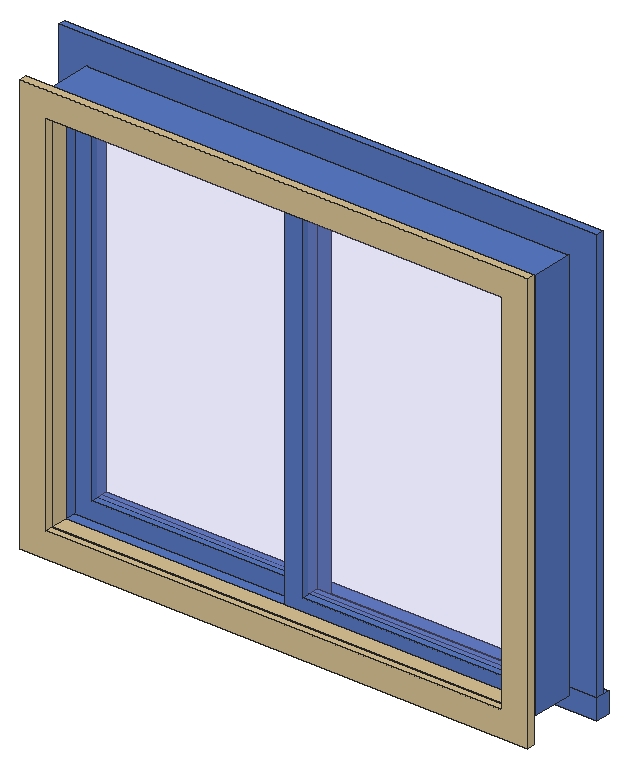
Revit family
Parameters (values of type "1200 x 1000")
  Operation = "DoublePanelVertical"
  Keynote = "45-13-015"
  Assembly Code = "B2020100"
  Exterior Trim = 90 mm
  Height = 1000 mm
  Interior Trim = 65 mm
  Sash = none
  Default Sill Height [instance] = 910 mm
  Trim Exterior = none
  Trim Interior = none
  Trim Thickness = 19 mm
  Wall Closure = (empty or 0)
  Width = 1220 mm
  Window Inset = 19 mm
Types (4, lengths in mm): name | Keynote | Assembly Code | Height | Default Sill Height | Width
  (no name) | "45-13-015" | "B2020100" | 1000 | 910 | 1220
  1200 x 900 | "45-13-017" | "B2020100" | 910 | 910 | 1220
  1200 x 1000 | "45-13-015" | "B2020100" | 1000 | 910 | 1220
  1200 x 600 | "45-13-016" | "" | 580 | 899.9 | 1200
Reference planes
  plane 1: y = -9.673
  plane 2: z = 0
  plane 3 "Center": x = 9.525
  plane 4 "Left": x = -600.475
  plane 5 "Right": x = 619.525
  plane 6 "Sill": z = 910
  plane 7 "Top": z = 1910
  plane 8: x = -581.425
  plane 9: x = 600.475
  plane 10: z = 1890.95
  plane 11: z = 929.05
  plane 12: y = 9.327
  plane 13: y = -143.073
  plane 14: y = -54.123
  plane 15: y = -98.573
  plane 16: x = 31.75
  plane 17: x = -12.7
  plane 18: z = 1846.5
  plane 19: x = 556.025
  plane 20: z = 973.5
  plane 21: x = -536.975
  plane 22: y = -69.998
  plane 23 "Closure": y = -82.698
  plane 24: y = -38.248
  plane 25: y = -25.548
  plane 26: z = 1980.95
  plane 27: x = -671.425
  plane 28: x = 690.475
  plane 29: y = 28.327
  plane 30: y = 47.377
  plane 31: z = 1943.25
  plane 32: z = 876.75
  plane 33: x = -633.725
  plane 34: x = 652.775
  plane 35: x = -568.725
  plane 36: x = 587.775
  plane 37: z = 1878.25
  plane 38: z = 941.75
  plane 39: y = -162.123
  plane 40: y = -181.173
  plane 41: z = 1410
Forms (mm)
  Extrusion 1, solid, material <- "Sash"
    sketch origin (0, 0, 0) x (0, 0, -1) y (1, 0, 0)
      loop
        line (-1910, 619.525) -> (-1910, -600.475) -> (-910, -600.475) -> (-910, 619.525) -> (-1910, 619.525)
      loop
        line (-929.05, -581.425) -> (-929.05, 600.475) -> (-1890.95, 600.475) -> (-1890.95, -581.425) -> (-929.05, -581.425)
    from -9.327 to 98.623
  Extrusion 2, solid, material <- "Sash"
    sketch origin (0, 0, 0) x (0, 0, -1) y (1, 0, 0)
      loop
        line (-1890.95, -12.7) -> (-929.05, -12.7) -> (-929.05, 600.475) -> (-1890.95, 600.475) -> (-1890.95, -12.7)
      loop
        line (-1846.5, 31.75) -> (-973.5, 31.75) -> (-973.5, 556.025) -> (-1846.5, 556.025) -> (-1846.5, 31.75)
    from 54.123 to 98.573
  Extrusion 3, solid, material <- "Sash"
    sketch origin (0, 0, 0) x (0, 0, -1) y (1, 0, 0)
      loop
        line (-929.05, -581.425) -> (-929.05, 31.75) -> (-1890.95, 31.75) -> (-1890.95, -581.425) -> (-929.05, -581.425)
      loop
        line (-973.5, -536.975) -> (-973.5, -12.7) -> (-1846.5, -12.7) -> (-1846.5, -536.975) -> (-973.5, -536.975)
    from 9.673 to 54.123
  Extrusion 4, solid
    sketch origin (0, -54.123, 0) x (0, 0, 1) y (1, 0, 0)
      loop
        line (1846.5, 556.025) -> (973.5, 556.025) -> (973.5, 31.75) -> (1846.5, 31.75) -> (1846.5, 556.025)
    from -28.575 to -15.875
  Extrusion 5, solid
    sketch origin (0, -9.673, 0) x (0, 0, 1) y (1, 0, 0)
      loop
        line (973.5, -12.7) -> (973.5, -536.975) -> (1846.5, -536.975) -> (1846.5, -12.7) -> (973.5, -12.7)
    from -28.575 to -15.875
  Extrusion 6, solid, material <- "Trim Exterior"
    sketch origin (0, 9.327, 0) x (0, 0, 1) y (1, 0, 0)
      loop
        line (929.05, 600.475) -> (1890.95, 600.475) -> (1890.95, -581.425) -> (929.05, -581.425) -> (929.05, -671.425) -> (1980.95, -671.425) -> (1980.95, 690.475) -> (929.05, 690.475) -> (929.05, 600.475)
    from 0 to 19
  Extrusion 7, solid, material <- "Trim Exterior"
    sketch origin (0, 9.327, 0) x (0, 0, 1) y (1, 0, 0)
      loop
        line (929.05, -671.425) -> (929.05, 690.475) -> (876.75, 690.475) -> (876.75, -671.425) -> (929.05, -671.425)
    from 0 to 38.05
  Extrusion 8, solid, material <- "Sash"
    sketch origin (-152.8, 0, 0) x (0, 0, -1) y (1, 0, 0)
      loop
        line (-910, -447.675) -> (-910, 772.325) -> (-1910, 772.325) -> (-1910, -447.675) -> (-910, -447.675)
      loop
        line (-941.75, -415.925) -> (-941.75, 740.575) -> (-1878.25, 740.575) -> (-1878.25, -415.925) -> (-941.75, -415.925)
    from 98.623 to 143.073
  Extrusion 9, solid, material <- "Trim Interior"
    sketch origin (0, 0, 0) x (0, 0, -1) y (1, 0, 0)
      loop
        line (-876.75, -633.725) -> (-876.75, 652.775) -> (-1943.25, 652.775) -> (-1943.25, -633.725) -> (-876.75, -633.725)
      loop
        line (-941.75, -568.725) -> (-941.75, 587.775) -> (-1878.25, 587.775) -> (-1878.25, -568.725) -> (-941.75, -568.725)
    from 143.073 to 162.123
Lines and regions (mm)
  Opening 1
    outline origin (-1705.917, -143.073, 0) x (1, 0, 0) y (0, 0, 1)
      loop
        line (1105.442, 1910) -> (1105.442, 910) -> (2325.442, 910) -> (2325.442, 1910) -> (1105.442, 1910)
  symbolic lines, style "WindowsFrameMullionProjection"
    curve 1: line (-581.425, -9.673, 0) -> (-536.975, -9.673, 0)
    curve 2: line (-536.975, -54.123, 0) -> (-581.425, -54.123, 0)
    curve 3: line (-536.975, -9.673, 0) -> (-536.975, -54.123, 0)
    curve 4: line (556.025, -54.123, 0) -> (600.475, -54.123, 0)
    curve 5: line (556.025, -98.573, 0) -> (556.025, -54.123, 0)
    curve 6: line (600.475, -98.573, 0) -> (556.025, -98.573, 0)
    curve 7: line (-600.475, 9.327, 0) -> (-581.425, 9.327, 0)
    curve 8: line (-581.425, 9.327, 0) -> (-581.425, -98.573, 0)
    curve 9: line (-568.725, -143.073, 0) -> (-600.475, -143.073, 0)
    curve 10: line (619.525, 9.327, 0) -> (600.475, 9.327, 0)
    curve 11: line (600.475, 9.327, 0) -> (600.475, -98.573, 0)
    curve 12: line (587.775, -143.073, 0) -> (619.525, -143.073, 0)
    curve 13: line (-12.7, -98.573, 0) -> (31.75, -98.573, 0)
    curve 14: line (-12.7, -9.673, 0) -> (-12.7, -98.573, 0)
    curve 15: line (31.75, -9.673, 0) -> (-12.7, -9.673, 0)
    curve 16: line (31.75, -98.573, 0) -> (31.75, -9.673, 0)
    curve 17: line (-12.7, -54.123, 0) -> (31.75, -54.123, 0)
    curve 20: line (-581.425, -98.573, 0) -> (-568.725, -98.573, 0)
    curve 21: line (-568.725, -98.573, 0) -> (-568.725, -143.073, 0)
    curve 22: line (587.775, -143.073, 0) -> (587.775, -98.573, 0)
  symbolic lines, style "WindowsGlassProjection"
    curve 18: line (-536.975, -31.898, 0) -> (-12.7, -31.898, 0)
    curve 19: line (31.75, -79.523, 0) -> (556.025, -79.523, 0)
  symbolic lines, style "Elevation Swing"
    curve 23: line (-168.213, 0, 1464.49) -> (-90.393, 0, 1410)
    curve 24: line (-90.393, 0, 1410) -> (-415.393, 0, 1410)
Text (mm)
  text "EXTERIOR" at (-1475.827, 430.209, 0), in view "Ref. Level"
  text "INTERIOR" at (-1475.827, -498.445, 0), in view "Ref. Level"
  text "Exterior" at (0, 1108.87, 3129.179), in view "Left"
  text "Exterior" at (0, 464.664, 3176.206), in view "Right"
Dimensions and locks
  equal spacing: plane 4 "Left", plane 3 "Center", plane 5 "Right"
  "Width": plane 4 "Left" to plane 5 "Right"
  "Height": plane 6 "Sill" to plane 7 "Top"
  "Default Sill Height": plane 2 to plane 6 "Sill"
  locked: plane 7 "Top" to plane 10 at 19.05
  locked: plane 11 to plane 6 "Sill" at 19.05
  locked: plane 4 "Left" to plane 8 at 19.05
  locked: plane 9 to plane 5 "Right" at 19.05
  locked: plane 12 to host wall at 0
  locked: plane 13 to host wall
  "Window Inset": plane 1 to plane 12
  locked: plane 14 to plane 1 at 44.45
  locked: plane 15 to plane 14 at 44.45
  plane 16 to plane 3 "Center" to plane 17 = 22.225 mm locked, 22.225 mm locked
  locked: plane 18 to plane 10 at 44.45
  locked: plane 11 to plane 20 at 44.45
  locked: plane 9 to plane 19 at 44.45
  locked: plane 21 to plane 8 at 44.45
  plane 15 to plane 23 "Closure" to plane 22 to plane 14 = 15.875 mm, 12.7 mm, 15.875 mm
  "Exterior Trim": plane 28 to plane 9
  "Exterior Trim": plane 8 to plane 27
  "Exterior Trim": plane 10 to plane 26
  "Trim Thickness": plane 12 to plane 29
  plane 29 to plane 30 = 19.05 mm
  "Interior Trim": plane 31 to plane 37
  "Interior Trim": plane 38 to plane 32
  "Interior Trim": plane 33 to plane 35
  "Interior Trim": plane 36 to plane 34
  locked: plane 39 to plane 13 at 19.05
  locked: plane 40 to plane 39 at 19.05
  locked: plane 4 "Left" to plane 35 at 31.75
  locked: plane 36 to plane 5 "Right" at 31.75
  locked: plane 38 to plane 6 "Sill" at 31.75
  locked: plane 7 "Top" to plane 37 at 31.75
  plane 14 to plane 24 to plane 25 to plane 1 = 15.875 mm, 12.7 mm, 15.875 mm
  equal spacing: plane 6 "Sill", plane 41, plane 7 "Top"
  aligned and locked: plane 7 "Top" to Opening 1 sketch curve
  aligned and locked: plane 6 "Sill" to Opening 1 sketch curve  (x2)
  aligned and locked: plane 5 "Right" to Opening 1 sketch curve
  aligned and locked: plane 4 "Left" to Opening 1 sketch curve
  aligned and locked: host wall to Extrusion 1  (x2)
  aligned and locked: plane 10 to Extrusion 1 sketch curve
  aligned and locked: Extrusion 1 sketch curve to plane 9
  aligned and locked: plane 11 to Extrusion 1 sketch curve
  aligned and locked: plane 8 to Extrusion 1 sketch curve
  aligned and locked: plane 18 to Extrusion 2 sketch curve
  aligned and locked: plane 16 to Extrusion 2 sketch curve
  aligned and locked: Extrusion 2 sketch curve to plane 19
  aligned and locked: Extrusion 2 sketch curve to plane 20
  aligned and locked: Extrusion 2 sketch curve to plane 10
  aligned and locked: plane 17 to Extrusion 2 sketch curve
  aligned and locked: Extrusion 2 sketch curve to plane 11
  aligned and locked: plane 9 to Extrusion 2 sketch curve
  aligned and locked: plane 16 to Extrusion 3 sketch curve
  aligned and locked: plane 17 to Extrusion 3 sketch curve
  aligned and locked: Extrusion 3 sketch curve to plane 21
  aligned and locked: plane 20 to Extrusion 3 sketch curve
  aligned and locked: Extrusion 3 sketch curve to plane 18
  aligned and locked: plane 10 to Extrusion 3 sketch curve
  aligned and locked: plane 8 to Extrusion 3 sketch curve
  aligned and locked: plane 11 to Extrusion 3 sketch curve
  aligned and locked: Extrusion 3 to plane 1
  aligned and locked: plane 14 to Extrusion 3
  aligned and locked: Extrusion 2 to plane 14
  aligned and locked: plane 15 to Extrusion 2
  aligned and locked: curve 3 to plane 21
  aligned and locked: plane 1 to curve 1
  aligned and locked: curve 6 to plane 15
  aligned and locked: plane 19 to curve 5
  aligned and locked: plane 18 to Extrusion 4 sketch curve
  aligned and locked: Extrusion 4 sketch curve to plane 20
  aligned and locked: plane 16 to Extrusion 4 sketch curve
  aligned and locked: Extrusion 4 sketch curve to plane 19
  aligned and locked: Extrusion 4 to plane 23 "Closure"
  aligned and locked: Extrusion 4 to plane 22
  aligned and locked: plane 17 to Extrusion 5 sketch curve
  aligned and locked: Extrusion 5 sketch curve to plane 21
  aligned and locked: plane 20 to Extrusion 5 sketch curve
  aligned and locked: Extrusion 5 sketch curve to plane 18
  aligned and locked: Extrusion 5 to plane 24
  aligned and locked: Extrusion 5 to plane 25
  aligned and locked: Extrusion 7 sketch curve to plane 11
  aligned and locked: Extrusion 6 to plane 29
  aligned and locked: Extrusion 6 to host wall
  aligned and locked: Extrusion 7 to host wall
  aligned and locked: Extrusion 7 to plane 30
  aligned and locked: Extrusion 8 sketch curve to host wall
  aligned and locked: plane 6 "Sill" to Extrusion 8 sketch curve
  aligned and locked: Extrusion 8 sketch curve to plane 7 "Top"
  aligned and locked: plane 4 "Left" to Extrusion 8 sketch curve
  aligned and locked: Extrusion 8 to Extrusion 1
  aligned and locked: host wall to Extrusion 8
  aligned and locked: plane 35 to Extrusion 8
  aligned and locked: plane 36 to Extrusion 8
  aligned and locked: plane 37 to Extrusion 8
  aligned and locked: plane 38 to Extrusion 8
  aligned and locked: plane 32 to Extrusion 9 sketch curve
  aligned and locked: Extrusion 9 sketch curve to plane 34
  aligned and locked: Extrusion 9 sketch curve to plane 31
  aligned and locked: plane 33 to Extrusion 9 sketch curve
  aligned and locked: plane 37 to Extrusion 9 sketch curve
  aligned and locked: Extrusion 9 sketch curve to plane 36
  aligned and locked: plane 35 to Extrusion 9 sketch curve
  aligned and locked: Extrusion 9 sketch curve to plane 38
  aligned and locked: Extrusion 9 to host wall
  aligned and locked: Extrusion 9 to plane 39
  aligned and locked: Extrusion 8 sketch curve to plane 36
  aligned and locked: plane 37 to Extrusion 8 sketch curve
  aligned and locked: Extrusion 8 sketch curve to plane 38
  aligned and locked: plane 35 to Extrusion 8 sketch curve
  aligned and locked: curve 6 to curve 11
  aligned and locked: plane 41 to curve 24
  aligned and locked: plane 32 to Extrusion 7 sketch curve
Automatic sketch dimensions
  Extrusion 1 sketch curve to plane 4 "Left" = 0 mm
  Extrusion 1 sketch curve to plane 7 "Top" = 0 mm
  Extrusion 1 sketch curve to plane 6 "Sill" = 0 mm
  Extrusion 1 sketch curve to plane 5 "Right" = 0 mm
  Extrusion 6 sketch curve to plane 11 = 0 mm  (x2)
  Extrusion 6 sketch curve to plane 9 = 0 mm
  Extrusion 6 sketch curve to plane 10 = 0 mm
  Extrusion 6 sketch curve to plane 26 = 0 mm
  Extrusion 6 sketch curve to plane 27 = 0 mm
  Extrusion 6 sketch curve to plane 8 = 0 mm
  Extrusion 6 sketch curve to plane 28 = 0 mm
  curve 9 to host wall = 0 mm
  curve 9 to plane 4 "Left" = 0 mm
  curve 7 to host wall = 0 mm
  curve 7 to plane 4 "Left" = 0 mm
  curve 20 to plane 8 = 0 mm
  curve 2 to plane 8 = 0 mm
  curve 21 to host wall = 0 mm
  curve 21 to plane 35 = 0 mm
  curve 9 to plane 35 = 0 mm
  curve 18 to plane 21 = 0 mm
  curve 17 to plane 14 = 0 mm
  curve 17 to plane 17 = 0 mm
  curve 19 to plane 16 = 0 mm
  curve 19 to plane 19 = 0 mm
  curve 12 to host wall = 0 mm
  curve 12 to plane 36 = 0 mm
  curve 10 to host wall = 0 mm
  curve 10 to plane 9 = 0 mm
  curve 6 to plane 9 = 0 mm
  curve 4 to plane 9 = 0 mm
  curve 12 to plane 5 "Right" = 0 mm
  curve 10 to plane 5 "Right" = 0 mm
  curve 20 to plane 15 = 0 mm
  curve 14 to plane 15 = 0 mm
  curve 22 to plane 15 = 0 mm
  curve 8 to plane 15 = 0 mm
  curve 5 to plane 14 = 0 mm
  curve 2 to plane 14 = 0 mm
  curve 14 to plane 1 = 0 mm
  curve 19 to plane 23 "Closure" = 3.175 mm
  plane 24 to curve 18 = 6.35 mm
  curve 23 to plane 41 = 54.49 mm
  plane 21 to curve 24 = 121.582 mm
  curve 23 to plane 17 = 155.513 mm
  curve 24 to plane 17 = 77.693 mm
  Extrusion 7 sketch curve to plane 27 = 0 mm
  Extrusion 7 sketch curve to plane 28 = 0 mm
